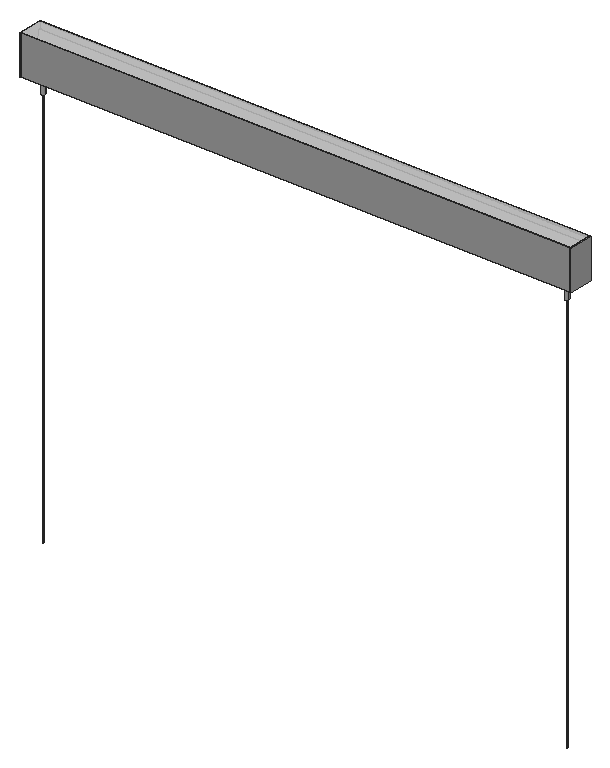
Revit family "2093140 Sylvania Lighting Fixture MC2-KIT 1-2M 4K DALIEM WHT OPAL", category Lighting Fixtures, host Face, Revit 2016
Family settings
  Host = Face
  Part Type = Normal
  Round Connector Dimension = Use Diameter
  OmniClass Number = 23.80.70.11.17
  OmniClass Title = Specialized Lighting by Location or Use
  Cut with Voids When Loaded = No
  Light Source = Yes
  Shared = No
  Room Calculation Point = No
Parameters (values of type "2093140 MC2-KIT 1.2M 4K DALIEM WHT OPAL Emergency mode")
  Width_SYL = 54.0 mm
  Weight = "3.8 kg"
  Wattage = 23.97 W
  WarrantyStartDate [instance] = "n/a"
  WarrantyGuarantorParts = "n/a"
  WarrantyDurationUnit = "n/a"
  WarrantyDurationParts = "n/a"
  WarrantyDescription = "n/a"
  built-in parameter 1150110 = 1 (stored number, unit not read)
  Voltage = 0 V
  URL = "http://www.sylvania-lighting.com"
  TypeName = "MC2-KIT 1.2M 4K DALIEM WHT OPAL Emergency mode"
  built-in parameter 1114217 = 1 (stored number, unit not read)
  Tilt Angle = -90.00°
  built-in parameter 1150109 = 1 (stored number, unit not read)
  built-in parameter 1150134 = 12
  built-in parameter 1150113 = 1 (stored number, unit not read)
  SerialNumber [instance] = "n/a"
  PowerFactor = 0.98
  PowerConsumption = "23.97 W"
  NominalWidth = 0.0 mm
  NominalLength = 1200.0 mm
  NominalHeight = 86.0 mm
  Name = "MC2-KIT 1.2M 4K DALIEM WHT OPAL Emergency mode"
  ModelReference = "MC2-KIT 1.2M 4K DALIEM WHT OPAL"
  ModelNumber = "2093140"
  Material_3_SYL = Metal_Sylvania_Mini Contiuum II_Silver
  Photometric Web File = "2093140EM.ies"
  Material_4_SYL = Metal_Sylvania_Mini Contiuum II_Silver
  MountingHeight_SYL [instance] = 1000.0 mm
  Material = "aluminium housing, polycarbonate diffuser"
  ManufacturerName = "Feilo Sylvania"
  LuminousEfficacy = "5.047 lm/W"
  LuminaireType = ""
  LightOutputRatio = "100"
  Length_SYL = 1200.0 mm
  LampsType = Lamp  # "LED"
  LampNominalLuminous = "121 lm"
  LampMacAdamStep = "3"
  LampColourTemperature = "4000 K"
  LampColourRenderingIndex = "80"
  Keynote = "16500"
  InstallationDate [instance] = "n/a"
  InputVoltage = "n/a"
  InputNominalFrequency = "n/a"
  IngressProtection = "IP20"
  ImpactProtectionIndex = "n/a"
  IfcExportType = "IfcLightFixtureType"
  IfcExportAs = "IfcLightFixtureType"
  Height_SYL = 86.0 mm
  ExpectedLife = 50000
  Emit from Rectangle Width = Width_SYL - 2.0 mm  # 52.0 mm
  Emit from Rectangle Length = Length_SYL  # 1200.0 mm
  Emit Shape Visible in Rendering = no
  ElectricShockClassification = "Class I"
  DurationUnit = "hours"
  DocumentationLiterature = "http://www.sylvania-lighting.com/product/en-int/products/2093140"
  DimmingControlOptions = "n/a"
  CreatedOn = "10/15/2018"
  CreatedBy = "@sylvania-lighting.com"
  built-in parameter 1114216 [instance] = 1 (stored number, unit not read)
  Model = "MC2-KIT 1.2M 4K DALIEM WHT OPAL"
  Manufacturer = "Feilo Sylvania"
  built-in parameter 1150105 = 9.6289 (stored number, unit not read)
  Lumens = 121 lm
  built-in parameter 1150115 = 1 (stored number, unit not read)
  built-in parameter 1150137 = (empty or 0)
  built-in parameter 1150139 = (empty or 0)
  built-in parameter 1150112 = 1 (stored number, unit not read)
  built-in parameter 1150114 = 1 (stored number, unit not read)
  Lamp = "LED"
  built-in parameter 1150132 = 2
  built-in parameter 1150102 = (empty or 0)
  built-in parameter 1150107 = 4000 (stored number, unit not read)
  built-in parameter 1150138 = (empty or 0)
  built-in parameter 1150106 = 0.096289 (stored number, unit not read)
  Material_1_SYL = Metal_Sylvania_Mini Continuum II_White
  built-in parameter 1150104 = 0.46897 (stored number, unit not read)
  Dimming Lamp Color Temperature Shift = <None>
  Material_2_SYL = Polycarbonate_Sylvania_Mini Continuum II_Opal_4000K
  Description = "2093140   MC2-KIT 1.2M 4K DALIEM WHT OPAL  Continuous lines of LED light, white RAL 9016, direct distribution, suspended kit version is pre-wired and supplied complete with end caps and suspension cables, compact and minimalist design based on the Golden Mean, ideal for offices, meeting rooms, corridors, education facilities, museums and libraries, extruded aluminium body, diffuser: opal, colour temperature: 4000K neutral white, total system power: 24W, total fixture output: 2207lm, luminaire efficacy: 92lm/W, LOR: 100%, colour rendering: Ra >80, LED Chromacity: 1 step MacAdam ellipse, lifetime: 60,000 hours at 90% of the original output (L90), energy class: A++, A+, A, IR/UV free light source without heat radiation, operating voltage: 220-240V / 50-60Hz, drive current: 800mA, electronic driver, DALI dimmable, integral emergency: 3 hour maintained, electrical protection: CLASS I, IP20, suitable for internal environment only."
  Default Elevation = 0.0 mm
  Color Filter = 16777215
  built-in parameter 1140040 [instance] = 1
  BarCode [instance] = "n/a"
  built-in parameter 1114218 = 1 (stored number, unit not read)
  built-in parameter 1150133 = 10 (stored number, unit not read)
  AssetType = "Fixed"
  AssetIdentifier [instance] = "n/a"
  Assembly Code = "D5020200"
  Apparent Load = 23.97 VA
Types (2, lengths in mm): name | TypeName | Name | Photometric Web File | LuminousEfficacy | LampNominalLuminous | built-in parameter 1150105 | Lumens | built-in parameter 1150106 | built-in parameter 1150104
  2093140 MC2-KIT 1.2M 4K DALIEM WHT OPAL Emergency mode | "MC2-KIT 1.2M 4K DALIEM WHT OPAL Emergency mode" | "MC2-KIT 1.2M 4K DALIEM WHT OPAL Emergency mode" | "2093140EM.ies" | "5.047 lm/W" | "121 lm" | 9.6289 (stored number, unit not read) | 121 lm | 0.096289 (stored number, unit not read) | 0.46897 (stored number, unit not read)
  2093140 MC2-KIT 1.2M 4K DALIEM WHT OPAL | "MC2-KIT 1.2M 4K DALIEM WHT OPAL" | "MC2-KIT 1.2M 4K DALIEM WHT OPAL" | "2093140.ies" | "98 lm/W" | "2340 lm" | 186.93 (stored number, unit not read) | 2349.06 lm | 1.8693 (stored number, unit not read) | 9.1045 (stored number, unit not read)
Reference planes
  plane 1 "Center (Front/Back)": y = 0
  plane 2 "Bottom Fixtures": z = 0
  plane 3 "Center (Left/Right)": x = 0
  plane 4 "Fixture Left": x = -600
  plane 5 "Fixture Right": x = 600
  plane 6 "Fixture Bottom": z = 1000
  plane 7: z = 998
  plane 8: z = 996
  plane 9: z = 986.951
  plane 10: z = 956.951
  plane 11 "Fixture Top": z = 914
  plane 12 "Mounting Right": x = 572
  plane 13 "Mounting Left": x = -572
  plane 14: z = 879
  plane 15: y = 27
  plane 16: y = -27
  plane 17: y = -26
  plane 18: y = -25
  plane 19: y = 26
  plane 20: y = 25
  plane 21: y = 11
  plane 22: y = -11
  plane 23: y = 24
  plane 24: y = 22
  plane 25: y = -22
  plane 26: y = 15
  plane 27: y = -15
  plane 28 "Upper Diffuser Left": x = -450
  plane 29 "Upper Diffuser Right": x = 450
  plane 30: x = -602
  plane 31: x = 602
Forms (mm)
  Extrusion 1, solid, material "Metal_Sylvania_Mini Continuum II_White" <- "Material_1_SYL", detail levels fine
    sketch origin (0, 0, 520) x (0, 1, 0) y (0, 0, 1)
      loop
        line (27, 480) -> (26, 480) -> (26, 478) -> (25, 478) -> (25, 396) -> (13, 396) -> (13, 398) -> (-13, 398) -> (-13, 396) -> (-25, 396) -> (-25, 478) -> (-26, 478) -> (-26, 480) -> (-27, 480) -> (-27, 394) -> (-11, 394) -> (-11, 396) -> (11, 396) -> (11, 394) -> (27, 394) -> (27, 480)
    from -600 to 600
  Extrusion 2, solid, material "Polycarbonate_Sylvania_Mini Continuum II_Opal_4000K" <- "Material_2_SYL", detail levels fine
    sketch origin (0, 0, 520) x (0, 1, 0) y (0, 0, 1)
      loop
        line (-26, 480) -> (-26, 478) -> (26, 478) -> (26, 480) -> (-26, 480)
    from -600 to 600
  Extrusion 3, solid, material "Metal_Sylvania_Mini Contiuum II_Silver" <- "Material_3_SYL", detail levels fine
    sketch origin (0, 0, 520) x (0, 1, 0) y (0, 0, 1)
      loop
        line (22, 466.951) -> (20.973, 466.951) -> (14.206, 437.951) -> (11, 437.951) -> (11, 436.951) -> (15, 436.951) -> (22, 466.951)
      loop
        line (-15, 436.951) -> (-11, 436.951) -> (-11, 437.951) -> (-14.206, 437.951) -> (-20.973, 466.951) -> (-22, 466.951) -> (-15, 436.951)
    from -600 to 600
  Extrusion 4, solid, material "Metal_Sylvania_Mini Continuum II_White" <- "Material_1_SYL", detail levels coarse+medium
    sketch origin (0, 0, 520) x (0, 1, 0) y (0, 0, 1)
      loop
        line (-27, 480) -> (-27, 394) -> (27, 394) -> (27, 480) -> (-27, 480)
    from -600 to 600
  Extrusion 5, solid, material "Metal_Sylvania_Mini Contiuum II_Silver" <- "Material_4_SYL", detail levels fine
    sketch origin (0, 0, -86) x (-1, 0, 0) y (0, -1, 0)
      loop
        circle (572, 0) r 4
      loop
        circle (-572, 0) r 4
    from 965 to 1002
  Extrusion 6, solid, material "Metal_Sylvania_Mini Contiuum II_Silver" <- "Material_4_SYL", detail levels fine
    sketch origin (0, 0, -86) x (-1, 0, 0) y (0, -1, 0)
      loop
        circle (-572, 0) r 1
      loop
        circle (572, 0) r 1
    from 86 to 965
  Extrusion 7, solid, material "Metal_Sylvania_Mini Continuum II_White" <- "Material_1_SYL"
    sketch origin (-600, 171.684, 1219.2) x (0, 1, 0) y (0, 0, 1)
      loop
        line (-198.684, -305.2) -> (-144.684, -305.2) -> (-144.684, -219.2) -> (-198.684, -219.2) -> (-198.684, -305.2)
    from 0 to -2
  Extrusion 8, solid, material "Metal_Sylvania_Mini Continuum II_White" <- "Material_1_SYL"
    sketch origin (600, 171.684, 1219.2) x (0, 1, 0) y (0, 0, -1)
      loop
        line (-144.684, 219.2) -> (-144.684, 305.2) -> (-198.684, 305.2) -> (-198.684, 219.2) -> (-144.684, 219.2)
    from 0 to -2
Lines and regions (mm)
  Masking region 1
    outline origin (0, 0, -86) x (-1, 0, 0) y (0, -1, 0)
      loop
        line (600, -27) -> (600, 27) -> (-600, 27) -> (-600, -27) -> (600, -27)
  symbolic lines, detail levels fine
    curve 1: line (-600, 26, -86) -> (600, 26, -86)
    curve 2: line (-600, -26, -86) -> (600, -26, -86)
  model lines, detail levels coarse+medium
    curve 3: line (-572, 0, 914) -> (-572, 0, 0)
    curve 4: line (572, 0, 914) -> (572, 0, 0)
Dimensions and locks
  host sketch curve to plane 3 "Center (Left/Right)" to host sketch curve = 820.0 mm, 775.047 mm
  equal spacing: plane 4 "Fixture Left", plane 3 "Center (Left/Right)", plane 5 "Fixture Right"
  "Length_SYL": plane 4 "Fixture Left" to plane 5 "Fixture Right"
  plane 6 "Fixture Bottom" to plane 7 to plane 8 to plane 9 to plane 10 = 2.0 mm locked, 2.0 mm locked, 9.049 mm locked, 30.0 mm locked
  locked: Extrusion 1 sketch curve to Extrusion 1 sketch curve at 2
  locked: Extrusion 1 sketch curve to plane 11 "Fixture Top" at 2
  "Height_SYL": plane 6 "Fixture Bottom" to plane 11 "Fixture Top"
  locked: plane 12 "Mounting Right" to plane 5 "Fixture Right" at 28
  locked: plane 4 "Fixture Left" to plane 13 "Mounting Left" at 28
  locked: plane 11 "Fixture Top" to plane 14 at 35
  "MountingHeight_SYL": plane 6 "Fixture Bottom" to plane 2 "Bottom Fixtures"
  equal spacing: plane 15, plane 1 "Center (Front/Back)", plane 16
  "Width_SYL": plane 15 to plane 16
  plane 22 to plane 27 to plane 25 to plane 18 to plane 17 to plane 16 = 4.0 mm locked, 7.0 mm locked, 3.0 mm locked, 1.0 mm locked, 1.0 mm locked
  plane 15 to plane 19 to plane 20 to plane 23 to plane 24 to plane 26 to plane 21 = 1.0 mm locked, 1.0 mm locked, 1.0 mm locked, 2.0 mm locked, 7.0 mm locked, 4.0 mm locked
  locked: plane 4 "Fixture Left" to plane 28 "Upper Diffuser Left" at 150
  locked: plane 29 "Upper Diffuser Right" to plane 5 "Fixture Right" at 150
  equal spacing: plane 30, plane 3 "Center (Left/Right)", plane 31
  locked: plane 30 to plane 4 "Fixture Left" at 2
  aligned and locked: plane 2 "Bottom Fixtures" to host face
  aligned and locked: level to host face
  aligned and locked: plane 5 "Fixture Right" to curve 1
  aligned and locked: plane 4 "Fixture Left" to curve 1
  aligned and locked: plane 4 "Fixture Left" to curve 2
  aligned and locked: plane 5 "Fixture Right" to curve 2
  aligned and locked: Extrusion 1 sketch curve to plane 7
  aligned and locked: plane 6 "Fixture Bottom" to Extrusion 1 sketch curve  (x2)
  aligned and locked: plane 7 to Extrusion 1 sketch curve
  aligned and locked: Extrusion 1 to Extrusion 2 sketch curve
  aligned and locked: Extrusion 2 sketch curve to Extrusion 1  (x3)
  aligned and locked: Extrusion 3 sketch curve to plane 10
  aligned and locked: plane 9 to Extrusion 3 sketch curve
  aligned and locked: Extrusion 3 sketch curve to plane 9
  aligned and locked: Extrusion 4 sketch curve to plane 6 "Fixture Bottom"
  aligned and locked: Extrusion 4 to plane 4 "Fixture Left"
  aligned and locked: Extrusion 2 to plane 4 "Fixture Left"
  aligned and locked: Extrusion 3 to plane 4 "Fixture Left"
  aligned and locked: Extrusion 1 to plane 4 "Fixture Left"
  aligned and locked: Extrusion 4 to plane 5 "Fixture Right"
  aligned and locked: Extrusion 2 to plane 5 "Fixture Right"
  aligned and locked: Extrusion 3 to plane 5 "Fixture Right"
  aligned and locked: Extrusion 1 to plane 5 "Fixture Right"
  aligned and locked: plane 11 "Fixture Top" to Extrusion 4 sketch curve
  aligned and locked: Extrusion 1 sketch curve to plane 11 "Fixture Top"  (x2)
  aligned and locked: Extrusion 1 sketch curve to Extrusion 1 sketch curve
  aligned and locked: plane 6 "Fixture Bottom" to imposter light
  aligned and locked: plane 11 "Fixture Top" to curve 3
  aligned and locked: plane 2 "Bottom Fixtures" to curve 3
  aligned and locked: plane 11 "Fixture Top" to curve 4
  aligned and locked: plane 2 "Bottom Fixtures" to curve 4
  aligned and locked: curve 4 to plane 12 "Mounting Right"
  aligned and locked: curve 3 to plane 13 "Mounting Left"
  aligned and locked: Extrusion 5 to Extrusion 1
  aligned and locked: Extrusion 5 to plane 14
  aligned and locked: plane 14 to Extrusion 6
  aligned and locked: Extrusion 6 to level
  aligned and locked: plane 21 to Extrusion 3 sketch curve
  aligned and locked: Extrusion 3 sketch curve to plane 22
  aligned and locked: Extrusion 7 sketch curve to Extrusion 4  (x4)
  aligned and locked: Extrusion 7 to plane 30
  aligned and locked: plane 4 "Fixture Left" to Extrusion 7
  aligned and locked: Extrusion 8 sketch curve to Extrusion 4  (x4)
  aligned and locked: plane 31 to Extrusion 8
  aligned and locked: plane 5 "Fixture Right" to Extrusion 8
Automatic sketch dimensions
  host sketch curve to host sketch curve = 1047.463 mm
  plane 19 to curve 1 = 0.0 mm
  curve 2 to plane 17 = 0.0 mm
  Masking region 1 sketch curve to plane 5 "Fixture Right" = 0.0 mm
  Masking region 1 sketch curve to plane 4 "Fixture Left" = 0.0 mm
  plane 15 to Masking region 1 sketch curve = 0.0 mm
  Masking region 1 sketch curve to plane 16 = 0.0 mm
  Extrusion 1 sketch curve to plane 16 = 0.0 mm
  Extrusion 1 sketch curve to plane 17 = 0.0 mm
  Extrusion 1 sketch curve to plane 18 = 0.0 mm
  Extrusion 1 sketch curve to plane 22 = 0.0 mm
  Extrusion 1 sketch curve to plane 21 = 0.0 mm
  Extrusion 1 sketch curve to plane 20 = 0.0 mm
  Extrusion 1 sketch curve to plane 19 = 0.0 mm
  Extrusion 1 sketch curve to plane 15 = 0.0 mm
  plane 11 "Fixture Top" to Extrusion 1 sketch curve = 2.0 mm
  Extrusion 1 sketch curve to plane 22 = 2.0 mm
  Extrusion 1 sketch curve to plane 21 = 2.0 mm
  Extrusion 3 sketch curve to plane 25 = 0.0 mm
  Extrusion 3 sketch curve to plane 27 = 0.0 mm
  Extrusion 3 sketch curve to plane 26 = 0.0 mm
  Extrusion 3 sketch curve to plane 24 = 0.0 mm
  plane 10 to Extrusion 3 sketch curve = 1.0 mm
  Extrusion 3 sketch curve to Extrusion 3 sketch curve = 1.027 mm
  plane 27 to Extrusion 3 sketch curve = 0.794 mm
  plane 26 to Extrusion 3 sketch curve = 0.794 mm
  plane 24 to Extrusion 3 sketch curve = 1.027 mm
  Extrusion 4 sketch curve to plane 16 = 0.0 mm
  Extrusion 4 sketch curve to plane 15 = 0.0 mm
  plane 1 "Center (Front/Back)" to Extrusion 5 sketch curve = 0.0 mm  (x2)
  Extrusion 5 sketch curve to plane 12 "Mounting Right" = 0.0 mm
  Extrusion 5 sketch curve to plane 13 "Mounting Left" = 0.0 mm
  plane 1 "Center (Front/Back)" to Extrusion 6 sketch curve = 0.0 mm  (x2)
  Extrusion 6 sketch curve to plane 12 "Mounting Right" = 0.0 mm
  Extrusion 6 sketch curve to plane 13 "Mounting Left" = 0.0 mm
  Extrusion 3 sketch curve to Extrusion 3 sketch curve = 0.0 mm
  Extrusion 3 sketch curve to plane 10 = 0.0 mm
  radius of Extrusion 5 sketch curve = 4.0 mm  (x2)
  radius of Extrusion 6 sketch curve = 1.0 mm  (x2)
Connectors
  electrical at (600, 0, 949), driven by "Apparent Load"
    settings: on Extrusion 1, index 1, voltage 230 V, apparent load 0 VA, apparent load phase1 23.97 VA, apparent load phase2 0 VA, apparent load phase3 0 VA, power factor 1, load classification "Lighting", number of poles 1, system type 31, power factor state 1, is connector primary yes, connector utility no, sub classification motor no, connector description ""
